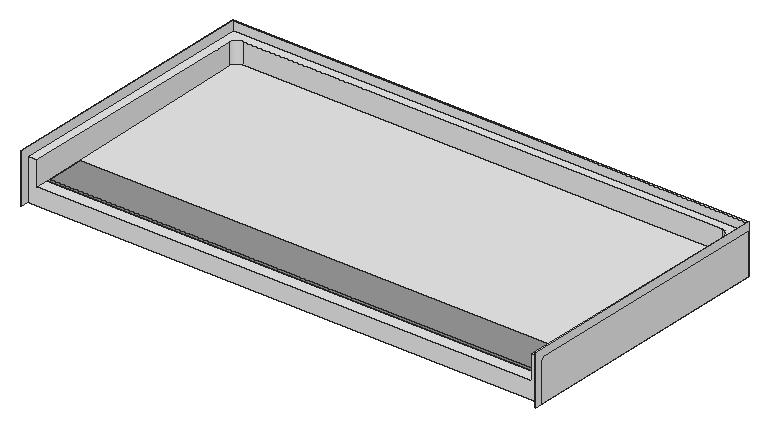
Revit family "P26331A75FTT.V3,A2FTT,A75FTB,A2FTB", category Plumbing Fixtures, Revit 2017
Family settings
  Round Connector Dimension = Use Diameter
  Part Type = Normal
  OmniClass Number = 23.45.05.14.17
  OmniClass Title = Showers
  Work Plane-Based = No
  Always vertical = Yes
  Cut with Voids When Loaded = No
  Shared = No
  Room Calculation Point = No
Parameters (values of type "P26331A2FTT.V3")
  Unit Width = 63"
  Unit Height = 7"
  Unit Depth = 31 1/2"
  URL = "http://www.bestbath.com"
  Type Comments = "ADA Compliant"
  Threshold Height = 2"
  Model = "P26331A2FTT.V3"
  Material [instance] = Best Bath Gelcoat Fiberglass - 8in Tile
  Manufacturer = "Best Bath Systems, Inc."
  Keynote = "22 40 00.B3"
  Description = "Trench Drain, Traditional Bull-Nose Threshold"
  Assembly Code = "D2010710"
Types (5): name | Unit Height | Threshold Height | Model | Description
  (no name) | 7" | 2" | "P26331A2FTT.V3" | "Trench Drain, Traditional Bull-Nose Threshold"
  P26333A75FTT.V3 | 5 3/4" | 3/4" | "P26331A75FTT.V3" | "Trench Drain, Traditional Bull-Nose Threshold"
  P26331A2FTT.V3 | 7" | 2" | "P26331A2FTT.V3" | "Trench Drain, Traditional Bull-Nose Threshold"
  P26331A75FTB.V3 | 5 3/4" | 3/4" | "P26331A75FTB.V3" | "Trench Drain, Bevelled Threshold"
  P26331A2FTB.V3 | 7" | 2" | "P26331A2FTB.V3" | "Trench Drain, Bevelled Threshold"
Reference planes (in)
  plane 1 "Back": y = 0.56113
  plane 2: z = 0
  plane 3 "Left": x = 0
  plane 4: x = 63
  plane 5: y = -30.93887
  plane 6: z = 6
  plane 7: z = 2
  plane 8: z = 7
  plane 9: x = 31.5
  plane 10: z = 20
  plane 11: y = -33.06387
  plane 12: z = 36
  plane 13: y = -31.93887
  plane 14: x = 61.75
  plane 15: x = 1.25
  plane 16: y = -0.68887
  plane 17: x = 61.5
  plane 18: y = -29.4699
  plane 19: y = -34.43887
  plane 20: y = -29.31387
  plane 21: y = -24.68887
  plane 22: z = 2.5
  plane 23: z = 2.75
  plane 24: z = 5
  plane 25: z = 6
  plane 26: z = -28
  plane 27: z = -27
  plane 28: z = 2.25
Forms (in)
  Extrusion 1, solid, material "Best Bath Gelcoat Fiberglass - Smooth"
    sketch origin (0, 0, 0) x (1, 0, 0) y (0, 1, 0)
      loop
        line (61.75, -30.93887) -> (63, -30.93887) -> (63, 0.56113) -> (0, 0.56113) -> (0, -30.93887) -> (1.25, -30.93887) -> (1.25, -1.68887)
        arc (1.25, -1.68887) -> (1.54289, -0.98177) -> (2.25, -0.68887) r 1
        line (2.25, -0.68887) -> (60.75, -0.68887)
        arc (60.75, -0.68887) -> (61.45711, -0.98177) -> (61.75, -1.68887) r 1
        line (61.75, -1.68887) -> (61.75, -30.93887)
    from 0 to 5
  Extrusion 2, solid, material "Stainless Steel, Brushed"
    sketch origin (-0.0625, 6.0625, 6.67647) x (1, 0, 0) y (0, 1, 0)
      loop
        line (1.6875, -35.37637) -> (61.3125, -35.37637) -> (61.3125, -30.75137) -> (1.6875, -30.75137) -> (1.6875, -35.37637)
    from -4.42647 to -6.67647
  Extrusion 3, solid, material "Best Bath Gelcoat Fiberglass - Smooth"
    sketch origin (0, 0, 0) x (1, 0, 0) y (0, 1, 0)
      loop
        line (0, 0.56113) -> (0, -31.93887) -> (0.125, -31.93887) -> (0.125, 0.43613) -> (62.875, 0.43613) -> (62.875, -31.93887) -> (63, -31.93887) -> (63, 0.56113) -> (0, 0.56113)
    from 0 to 6
  Extrusion 4, void
    sketch origin (1.25, -33.53284, 0) x (-1, 0, 0) y (0, 0, 1)
      loop
        line (-60.25, 2) -> (-60.25, 1.74761) -> (-30.25, 0.375) -> (-0.25, 1.74761) -> (-0.25, 2) -> (-60.25, 2)
    from 4.06294 to 9.125
  Extrusion 5, solid, material "Best Bath Gelcoat Fiberglass - Smooth"
    sketch origin (0, 0, 0) x (0, 1, 0) y (0, 0, 1)
      loop
        line (-30.93994, 0) -> (-0.68887, 0) -> (-0.68887, 2.4795) -> (-29.4699, 1.99731) -> (-30.93994, 1.99731) -> (-30.93994, 0)
    from 0 to 63
Cuts and joins
  Extrusion 4 cuts Extrusion 1
  joined: Extrusion 1, Extrusion 5
  Extrusion 4 cuts Extrusion 3
Lines and regions (in)
  reference lines
    curve 1: line (0, -0.68887, 2.56898) -> (0, -30.78561, 2)
    curve 2: line (5.50541, 0.56113, 0) -> (5.50541, 0.56113, 2)
    curve 3: line (26.75, 0.56113, 5.75) -> (26.75, 0.56113, 6.75)
Dimensions and locks (in)
  "Unit Width": plane 3 "Left" to plane 4
  "Threshold Height": plane 7 to level
  locked: plane 8 to plane 6 at 1
  "Unit Height": plane 8 to level
  equal spacing: plane 3 "Left", plane 9, plane 4
  locked: plane 11 to plane 1 "Back" at 33.625
  locked: plane 10 to plane 7 at 18
  locked: plane 12 to plane 7 at 34
  locked: plane 5 to plane 13 at 1
  plane 3 "Left" to Extrusion 2 = 61 1/4"
  locked: plane 3 "Left" to plane 15 at 1.25
  locked: plane 14 to plane 4 at 1.25
  locked: plane 16 to plane 1 "Back" at 1.25
  plane 11 to plane 19 = 1 3/8"
  plane 11 to plane 20 to plane 21 = 3 3/4", 4 5/8"
  plane 20 to plane 21 = 4 5/8"
  plane 22 to plane 7 = 1/2"
  plane 23 to plane 7 = 3/4"
  locked: plane 24 to plane 7 at 3
  locked: plane 25 to plane 24 at 1
  locked: plane 6 to plane 26 at 34
  locked: plane 27 to plane 26 at 1
  "Unit Depth": plane 1 "Back" to plane 5
  plane 28 to plane 7 = 1/4"
  cut or joined group of Extrusion 1, Extrusion 4, Extrusion 5 to Extrusion 4 = 1.46897"
  aligned and locked: level to plane 2
  aligned and locked: Extrusion 1 sketch curve to plane 4
  aligned and locked: Extrusion 1 sketch curve to plane 5
  aligned and locked: Extrusion 1 sketch curve to plane 15
  aligned and locked: plane 14 to Extrusion 1 sketch curve
  aligned and locked: plane 16 to Extrusion 1 sketch curve
  aligned and locked: plane 24 to Extrusion 1
  aligned and locked: level to Extrusion 5 sketch curve
  aligned and locked: plane 25 to Extrusion 3
  aligned and locked: Extrusion 2 to plane 28
Automatic sketch dimensions
  Extrusion 3 sketch curve to plane 3 "Left" = 0"
  Extrusion 3 sketch curve to plane 13 = 0"  (x2)
  Extrusion 3 sketch curve to plane 4 = 0"
  plane 1 "Back" to Extrusion 3 sketch curve = 0"
  plane 4 to Extrusion 3 sketch curve = 1/8"
  plane 1 "Back" to Extrusion 3 sketch curve = 1/8"
  plane 3 "Left" to Extrusion 3 sketch curve = 1/8"
  plane 21 to Extrusion 2 sketch curve = 0"
  plane 20 to Extrusion 2 sketch curve = 0"
  plane 3 "Left" to Extrusion 2 sketch curve = 1 5/8"
  plane 4 to Extrusion 2 sketch curve = 1 3/4"
  Extrusion 1 sketch curve to plane 3 "Left" = 0"
  Extrusion 1 sketch curve to plane 5 = 0"
  plane 1 "Back" to Extrusion 1 sketch curve = 0"
  Extrusion 1 sketch curve to Extrusion 1 sketch curve = 1"
  Extrusion 1 sketch curve to plane 14 = 1"
  Extrusion 4 sketch curve to Extrusion 4 sketch curve = 30"
  Extrusion 4 sketch curve to Extrusion 4 sketch curve = 0.25239"  (x2)
  Extrusion 4 sketch curve to Extrusion 4 sketch curve = 0"
  Extrusion 4 sketch curve to plane 7 = 0"
  Extrusion 4 sketch curve to plane 17 = 0"
  plane 3 "Left" to Extrusion 4 sketch curve = 1 1/2"
  level to Extrusion 4 sketch curve = 3/8"
  curve 1 to plane 7 = 0"
  curve 1 to plane 23 = 0.18102"
  plane 1 "Back" to curve 1 = 1 1/4"
  Extrusion 5 sketch curve to plane 5 = 0.00107"
  plane 1 "Back" to Extrusion 5 sketch curve = 1 1/4"
  Extrusion 5 sketch curve to plane 7 = 0.00269"
  Extrusion 5 sketch curve to plane 22 = 0.0205"
  Extrusion 5 sketch curve to plane 18 = 0"
  curve 2 to plane 7 = 0"
  curve 2 to level = 0"
  plane 3 "Left" to curve 2 = 5.50541"
  plane 25 to curve 3 = 3/4"
  plane 9 to curve 3 = 4 3/4"
  curve 3 to plane 25 = 1/4"
  plane 5 to curve 1 = 0.15327"
